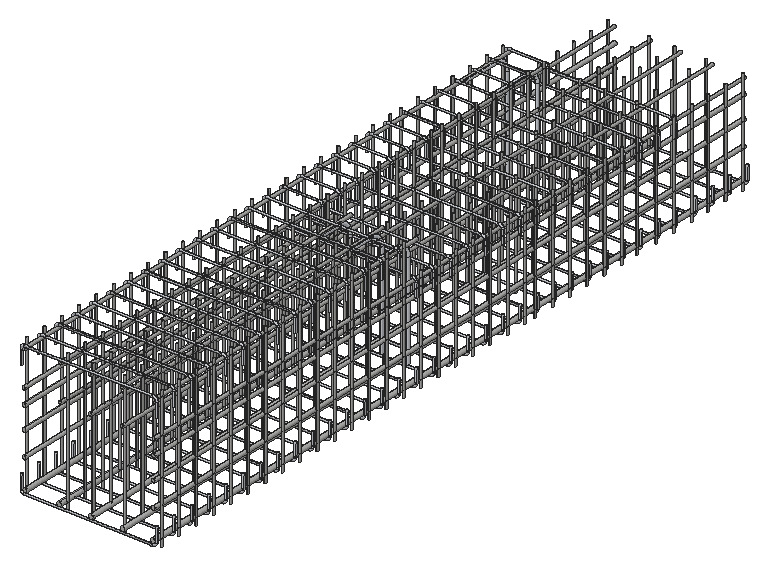
Revit family "261_Каркас пространственный КП4", category Обобщенные модели, Revit 2016 (continued)
Nested families
  nested 217: "361_Арматурная форма 3" at (505.5, 750, 38) x (1, 0, 0) z (0, 1, 0), Орг.ИдентификацияЭлемента2 <- "Орг.ИдентификацияЭлемента2", Орг.ИдентификацияЭлемента1 <- "Орг.ИдентификацияЭлемента1", Орг.ИдентификацияЭлемента <- "Орг.ИдентификацияЭлемента", Мрк.МаркаКонструкции <- "Мрк.МаркаКонструкции", Мрк.МаркаИзделия3 <- "Мрк.МаркаИзделия3", Мрк.МаркаИзделия2 <- "Мрк.МаркаИзделия2", Мрк.МаркаИзделия1 <- "Мрк.МаркаИзделия1", Мрк.МаркаИзделия <- "Мрк.МаркаИзделия", Орг.УровеньТекстовый <- "Орг.УровеньТекстовый", Орг.ОбознчТома(Комплекта) <- "Орг.ОбознчТома(Комплекта)", Орг.НомерЛистаЭлемента <- "Орг.НомерЛистаЭлемента", type "Параметрический"
    with Рзм.РасчетныйРадиус 22 mm, Рзм.Длина 1166.265 mm, Рзм.Диаметр 12 mm, Орг.УровеньТекстовый "", Орг.ОбознчТома(Комплекта) "", Орг.НомерЛистаЭлемента "", Орг.ИзделиеТипПодсчета 2, Орг.ИдентификацияЭлемента2 "", Орг.ИдентификацияЭлемента1 "", Орг.ИдентификацияЭлемента "", Мсв.Количество 1, Мрк.Обозначение "ГОСТ 5781-82", Мрк.Наименование "Ø12 А240 ГОСТ 5781-82", Мрк.МаркаКонструкции "", Мрк.МаркаИзделия3 "", Мрк.МаркаИзделия2 "", Мрк.МаркаИзделия1 "", Мрк.МаркаИзделия "Каркас пространственный КП 4", Мрк.Марка "5", Арм.РазмерR 16 mm, Арм.РазмерJ 0 mm, Арм.РазмерG 0 mm, Арм.РазмерF 0 mm, Арм.РазмерE 0 mm, Арм.РазмерD 0 mm, Арм.РазмерC 120 mm, Арм.РазмерB 940 mm, Арм.РазмерA 120 mm, Арм.ПогМетрыВкл no, Арм.КоэфНахлеста 1, Арм.Класс 1240
  nested 218: "361_Арматурная форма 3" at (505.5, 750, 960) x (1, 0, 0) z (0, 1, 0), Орг.ИдентификацияЭлемента2 <- "Орг.ИдентификацияЭлемента2", Орг.ИдентификацияЭлемента1 <- "Орг.ИдентификацияЭлемента1", Орг.ИдентификацияЭлемента <- "Орг.ИдентификацияЭлемента", Мрк.МаркаКонструкции <- "Мрк.МаркаКонструкции", Мрк.МаркаИзделия3 <- "Мрк.МаркаИзделия3", Мрк.МаркаИзделия2 <- "Мрк.МаркаИзделия2", Мрк.МаркаИзделия1 <- "Мрк.МаркаИзделия1", Мрк.МаркаИзделия <- "Мрк.МаркаИзделия", Орг.УровеньТекстовый <- "Орг.УровеньТекстовый", Орг.ОбознчТома(Комплекта) <- "Орг.ОбознчТома(Комплекта)", Орг.НомерЛистаЭлемента <- "Орг.НомерЛистаЭлемента", type "Параметрический"
    with Рзм.РасчетныйРадиус 22 mm, Рзм.Длина 1174.078 mm, Рзм.Диаметр 12 mm, Орг.УровеньТекстовый "", Орг.ОбознчТома(Комплекта) "", Орг.НомерЛистаЭлемента "", Орг.ИзделиеТипПодсчета 2, Орг.ИдентификацияЭлемента2 "", Орг.ИдентификацияЭлемента1 "", Орг.ИдентификацияЭлемента "", Мсв.Количество 1, Мрк.Обозначение "ГОСТ 5781-82", Мрк.Наименование "Ø12 А240 ГОСТ 5781-82", Мрк.МаркаКонструкции "", Мрк.МаркаИзделия3 "", Мрк.МаркаИзделия2 "", Мрк.МаркаИзделия1 "", Мрк.МаркаИзделия "Каркас пространственный КП 4", Мрк.Марка "5", Арм.РазмерR 16 mm, Арм.РазмерJ 0 mm, Арм.РазмерG 0 mm, Арм.РазмерF 0 mm, Арм.РазмерE 0 mm, Арм.РазмерD 0 mm, Арм.РазмерC 123.906 mm, Арм.РазмерB 940 mm, Арм.РазмерA 123.906 mm, Арм.ПогМетрыВкл no, Арм.КоэфНахлеста 1, Арм.Класс 1240
  nested 219: "361_Арматурная форма 3" at (505.5, 900, 38) x (1, 0, 0) z (0, 1, 0), Орг.ИдентификацияЭлемента2 <- "Орг.ИдентификацияЭлемента2", Орг.ИдентификацияЭлемента1 <- "Орг.ИдентификацияЭлемента1", Орг.ИдентификацияЭлемента <- "Орг.ИдентификацияЭлемента", Мрк.МаркаКонструкции <- "Мрк.МаркаКонструкции", Мрк.МаркаИзделия3 <- "Мрк.МаркаИзделия3", Мрк.МаркаИзделия2 <- "Мрк.МаркаИзделия2", Мрк.МаркаИзделия1 <- "Мрк.МаркаИзделия1", Мрк.МаркаИзделия <- "Мрк.МаркаИзделия", Орг.УровеньТекстовый <- "Орг.УровеньТекстовый", Орг.ОбознчТома(Комплекта) <- "Орг.ОбознчТома(Комплекта)", Орг.НомерЛистаЭлемента <- "Орг.НомерЛистаЭлемента", type "Параметрический"
    with Рзм.РасчетныйРадиус 22 mm, Рзм.Длина 1166.265 mm, Рзм.Диаметр 12 mm, Орг.УровеньТекстовый "", Орг.ОбознчТома(Комплекта) "", Орг.НомерЛистаЭлемента "", Орг.ИзделиеТипПодсчета 2, Орг.ИдентификацияЭлемента2 "", Орг.ИдентификацияЭлемента1 "", Орг.ИдентификацияЭлемента "", Мсв.Количество 1, Мрк.Обозначение "ГОСТ 5781-82", Мрк.Наименование "Ø12 А240 ГОСТ 5781-82", Мрк.МаркаКонструкции "", Мрк.МаркаИзделия3 "", Мрк.МаркаИзделия2 "", Мрк.МаркаИзделия1 "", Мрк.МаркаИзделия "Каркас пространственный КП 4", Мрк.Марка "5", Арм.РазмерR 16 mm, Арм.РазмерJ 0 mm, Арм.РазмерG 0 mm, Арм.РазмерF 0 mm, Арм.РазмерE 0 mm, Арм.РазмерD 0 mm, Арм.РазмерC 120 mm, Арм.РазмерB 940 mm, Арм.РазмерA 120 mm, Арм.ПогМетрыВкл no, Арм.КоэфНахлеста 1, Арм.Класс 1240
  nested 220: "361_Арматурная форма 3" at (505.5, 900, 960) x (1, 0, 0) z (0, 1, 0), Орг.ИдентификацияЭлемента2 <- "Орг.ИдентификацияЭлемента2", Орг.ИдентификацияЭлемента1 <- "Орг.ИдентификацияЭлемента1", Орг.ИдентификацияЭлемента <- "Орг.ИдентификацияЭлемента", Мрк.МаркаКонструкции <- "Мрк.МаркаКонструкции", Мрк.МаркаИзделия3 <- "Мрк.МаркаИзделия3", Мрк.МаркаИзделия2 <- "Мрк.МаркаИзделия2", Мрк.МаркаИзделия1 <- "Мрк.МаркаИзделия1", Мрк.МаркаИзделия <- "Мрк.МаркаИзделия", Орг.УровеньТекстовый <- "Орг.УровеньТекстовый", Орг.ОбознчТома(Комплекта) <- "Орг.ОбознчТома(Комплекта)", Орг.НомерЛистаЭлемента <- "Орг.НомерЛистаЭлемента", type "Параметрический"
    with Рзм.РасчетныйРадиус 22 mm, Рзм.Длина 1174.078 mm, Рзм.Диаметр 12 mm, Орг.УровеньТекстовый "", Орг.ОбознчТома(Комплекта) "", Орг.НомерЛистаЭлемента "", Орг.ИзделиеТипПодсчета 2, Орг.ИдентификацияЭлемента2 "", Орг.ИдентификацияЭлемента1 "", Орг.ИдентификацияЭлемента "", Мсв.Количество 1, Мрк.Обозначение "ГОСТ 5781-82", Мрк.Наименование "Ø12 А240 ГОСТ 5781-82", Мрк.МаркаКонструкции "", Мрк.МаркаИзделия3 "", Мрк.МаркаИзделия2 "", Мрк.МаркаИзделия1 "", Мрк.МаркаИзделия "Каркас пространственный КП 4", Мрк.Марка "5", Арм.РазмерR 16 mm, Арм.РазмерJ 0 mm, Арм.РазмерG 0 mm, Арм.РазмерF 0 mm, Арм.РазмерE 0 mm, Арм.РазмерD 0 mm, Арм.РазмерC 123.906 mm, Арм.РазмерB 940 mm, Арм.РазмерA 123.906 mm, Арм.ПогМетрыВкл no, Арм.КоэфНахлеста 1, Арм.Класс 1240
  nested 221: "361_Арматурная форма 3" at (505.5, 1050, 38) x (1, 0, 0) z (0, 1, 0), Орг.ИдентификацияЭлемента2 <- "Орг.ИдентификацияЭлемента2", Орг.ИдентификацияЭлемента1 <- "Орг.ИдентификацияЭлемента1", Орг.ИдентификацияЭлемента <- "Орг.ИдентификацияЭлемента", Мрк.МаркаКонструкции <- "Мрк.МаркаКонструкции", Мрк.МаркаИзделия3 <- "Мрк.МаркаИзделия3", Мрк.МаркаИзделия2 <- "Мрк.МаркаИзделия2", Мрк.МаркаИзделия1 <- "Мрк.МаркаИзделия1", Мрк.МаркаИзделия <- "Мрк.МаркаИзделия", Орг.УровеньТекстовый <- "Орг.УровеньТекстовый", Орг.ОбознчТома(Комплекта) <- "Орг.ОбознчТома(Комплекта)", Орг.НомерЛистаЭлемента <- "Орг.НомерЛистаЭлемента", type "Параметрический"
    with Рзм.РасчетныйРадиус 22 mm, Рзм.Длина 1166.265 mm, Рзм.Диаметр 12 mm, Орг.УровеньТекстовый "", Орг.ОбознчТома(Комплекта) "", Орг.НомерЛистаЭлемента "", Орг.ИзделиеТипПодсчета 2, Орг.ИдентификацияЭлемента2 "", Орг.ИдентификацияЭлемента1 "", Орг.ИдентификацияЭлемента "", Мсв.Количество 1, Мрк.Обозначение "ГОСТ 5781-82", Мрк.Наименование "Ø12 А240 ГОСТ 5781-82", Мрк.МаркаКонструкции "", Мрк.МаркаИзделия3 "", Мрк.МаркаИзделия2 "", Мрк.МаркаИзделия1 "", Мрк.МаркаИзделия "Каркас пространственный КП 4", Мрк.Марка "5", Арм.РазмерR 16 mm, Арм.РазмерJ 0 mm, Арм.РазмерG 0 mm, Арм.РазмерF 0 mm, Арм.РазмерE 0 mm, Арм.РазмерD 0 mm, Арм.РазмерC 120 mm, Арм.РазмерB 940 mm, Арм.РазмерA 120 mm, Арм.ПогМетрыВкл no, Арм.КоэфНахлеста 1, Арм.Класс 1240
  nested 222: "361_Арматурная форма 3" at (505.5, 1050, 960) x (1, 0, 0) z (0, 1, 0), Орг.ИдентификацияЭлемента2 <- "Орг.ИдентификацияЭлемента2", Орг.ИдентификацияЭлемента1 <- "Орг.ИдентификацияЭлемента1", Орг.ИдентификацияЭлемента <- "Орг.ИдентификацияЭлемента", Мрк.МаркаКонструкции <- "Мрк.МаркаКонструкции", Мрк.МаркаИзделия3 <- "Мрк.МаркаИзделия3", Мрк.МаркаИзделия2 <- "Мрк.МаркаИзделия2", Мрк.МаркаИзделия1 <- "Мрк.МаркаИзделия1", Мрк.МаркаИзделия <- "Мрк.МаркаИзделия", Орг.УровеньТекстовый <- "Орг.УровеньТекстовый", Орг.ОбознчТома(Комплекта) <- "Орг.ОбознчТома(Комплекта)", Орг.НомерЛистаЭлемента <- "Орг.НомерЛистаЭлемента", type "Параметрический"
    with Рзм.РасчетныйРадиус 22 mm, Рзм.Длина 1174.078 mm, Рзм.Диаметр 12 mm, Орг.УровеньТекстовый "", Орг.ОбознчТома(Комплекта) "", Орг.НомерЛистаЭлемента "", Орг.ИзделиеТипПодсчета 2, Орг.ИдентификацияЭлемента2 "", Орг.ИдентификацияЭлемента1 "", Орг.ИдентификацияЭлемента "", Мсв.Количество 1, Мрк.Обозначение "ГОСТ 5781-82", Мрк.Наименование "Ø12 А240 ГОСТ 5781-82", Мрк.МаркаКонструкции "", Мрк.МаркаИзделия3 "", Мрк.МаркаИзделия2 "", Мрк.МаркаИзделия1 "", Мрк.МаркаИзделия "Каркас пространственный КП 4", Мрк.Марка "5", Арм.РазмерR 16 mm, Арм.РазмерJ 0 mm, Арм.РазмерG 0 mm, Арм.РазмерF 0 mm, Арм.РазмерE 0 mm, Арм.РазмерD 0 mm, Арм.РазмерC 123.906 mm, Арм.РазмерB 940 mm, Арм.РазмерA 123.906 mm, Арм.ПогМетрыВкл no, Арм.КоэфНахлеста 1, Арм.Класс 1240
  nested 223: "361_Арматурная форма 3" at (505.5, 1200, 38) x (1, 0, 0) z (0, 1, 0), Орг.ИдентификацияЭлемента2 <- "Орг.ИдентификацияЭлемента2", Орг.ИдентификацияЭлемента1 <- "Орг.ИдентификацияЭлемента1", Орг.ИдентификацияЭлемента <- "Орг.ИдентификацияЭлемента", Мрк.МаркаКонструкции <- "Мрк.МаркаКонструкции", Мрк.МаркаИзделия3 <- "Мрк.МаркаИзделия3", Мрк.МаркаИзделия2 <- "Мрк.МаркаИзделия2", Мрк.МаркаИзделия1 <- "Мрк.МаркаИзделия1", Мрк.МаркаИзделия <- "Мрк.МаркаИзделия", Орг.УровеньТекстовый <- "Орг.УровеньТекстовый", Орг.ОбознчТома(Комплекта) <- "Орг.ОбознчТома(Комплекта)", Орг.НомерЛистаЭлемента <- "Орг.НомерЛистаЭлемента", type "Параметрический"
    with Рзм.РасчетныйРадиус 22 mm, Рзм.Длина 1166.265 mm, Рзм.Диаметр 12 mm, Орг.УровеньТекстовый "", Орг.ОбознчТома(Комплекта) "", Орг.НомерЛистаЭлемента "", Орг.ИзделиеТипПодсчета 2, Орг.ИдентификацияЭлемента2 "", Орг.ИдентификацияЭлемента1 "", Орг.ИдентификацияЭлемента "", Мсв.Количество 1, Мрк.Обозначение "ГОСТ 5781-82", Мрк.Наименование "Ø12 А240 ГОСТ 5781-82", Мрк.МаркаКонструкции "", Мрк.МаркаИзделия3 "", Мрк.МаркаИзделия2 "", Мрк.МаркаИзделия1 "", Мрк.МаркаИзделия "Каркас пространственный КП 4", Мрк.Марка "5", Арм.РазмерR 16 mm, Арм.РазмерJ 0 mm, Арм.РазмерG 0 mm, Арм.РазмерF 0 mm, Арм.РазмерE 0 mm, Арм.РазмерD 0 mm, Арм.РазмерC 120 mm, Арм.РазмерB 940 mm, Арм.РазмерA 120 mm, Арм.ПогМетрыВкл no, Арм.КоэфНахлеста 1, Арм.Класс 1240
  nested 224: "361_Арматурная форма 3" at (505.5, 1200, 960) x (1, 0, 0) z (0, 1, 0), Орг.ИдентификацияЭлемента2 <- "Орг.ИдентификацияЭлемента2", Орг.ИдентификацияЭлемента1 <- "Орг.ИдентификацияЭлемента1", Орг.ИдентификацияЭлемента <- "Орг.ИдентификацияЭлемента", Мрк.МаркаКонструкции <- "Мрк.МаркаКонструкции", Мрк.МаркаИзделия3 <- "Мрк.МаркаИзделия3", Мрк.МаркаИзделия2 <- "Мрк.МаркаИзделия2", Мрк.МаркаИзделия1 <- "Мрк.МаркаИзделия1", Мрк.МаркаИзделия <- "Мрк.МаркаИзделия", Орг.УровеньТекстовый <- "Орг.УровеньТекстовый", Орг.ОбознчТома(Комплекта) <- "Орг.ОбознчТома(Комплекта)", Орг.НомерЛистаЭлемента <- "Орг.НомерЛистаЭлемента", type "Параметрический"
    with Рзм.РасчетныйРадиус 22 mm, Рзм.Длина 1174.078 mm, Рзм.Диаметр 12 mm, Орг.УровеньТекстовый "", Орг.ОбознчТома(Комплекта) "", Орг.НомерЛистаЭлемента "", Орг.ИзделиеТипПодсчета 2, Орг.ИдентификацияЭлемента2 "", Орг.ИдентификацияЭлемента1 "", Орг.ИдентификацияЭлемента "", Мсв.Количество 1, Мрк.Обозначение "ГОСТ 5781-82", Мрк.Наименование "Ø12 А240 ГОСТ 5781-82", Мрк.МаркаКонструкции "", Мрк.МаркаИзделия3 "", Мрк.МаркаИзделия2 "", Мрк.МаркаИзделия1 "", Мрк.МаркаИзделия "Каркас пространственный КП 4", Мрк.Марка "5", Арм.РазмерR 16 mm, Арм.РазмерJ 0 mm, Арм.РазмерG 0 mm, Арм.РазмерF 0 mm, Арм.РазмерE 0 mm, Арм.РазмерD 0 mm, Арм.РазмерC 123.906 mm, Арм.РазмерB 940 mm, Арм.РазмерA 123.906 mm, Арм.ПогМетрыВкл no, Арм.КоэфНахлеста 1, Арм.Класс 1240
  nested 225: "361_Арматурная форма 3" at (505.5, 1350, 38) x (1, 0, 0) z (0, 1, 0), Орг.ИдентификацияЭлемента2 <- "Орг.ИдентификацияЭлемента2", Орг.ИдентификацияЭлемента1 <- "Орг.ИдентификацияЭлемента1", Орг.ИдентификацияЭлемента <- "Орг.ИдентификацияЭлемента", Мрк.МаркаКонструкции <- "Мрк.МаркаКонструкции", Мрк.МаркаИзделия3 <- "Мрк.МаркаИзделия3", Мрк.МаркаИзделия2 <- "Мрк.МаркаИзделия2", Мрк.МаркаИзделия1 <- "Мрк.МаркаИзделия1", Мрк.МаркаИзделия <- "Мрк.МаркаИзделия", Орг.УровеньТекстовый <- "Орг.УровеньТекстовый", Орг.ОбознчТома(Комплекта) <- "Орг.ОбознчТома(Комплекта)", Орг.НомерЛистаЭлемента <- "Орг.НомерЛистаЭлемента", type "Параметрический"
    with Рзм.РасчетныйРадиус 22 mm, Рзм.Длина 1166.265 mm, Рзм.Диаметр 12 mm, Орг.УровеньТекстовый "", Орг.ОбознчТома(Комплекта) "", Орг.НомерЛистаЭлемента "", Орг.ИзделиеТипПодсчета 2, Орг.ИдентификацияЭлемента2 "", Орг.ИдентификацияЭлемента1 "", Орг.ИдентификацияЭлемента "", Мсв.Количество 1, Мрк.Обозначение "ГОСТ 5781-82", Мрк.Наименование "Ø12 А240 ГОСТ 5781-82", Мрк.МаркаКонструкции "", Мрк.МаркаИзделия3 "", Мрк.МаркаИзделия2 "", Мрк.МаркаИзделия1 "", Мрк.МаркаИзделия "Каркас пространственный КП 4", Мрк.Марка "5", Арм.РазмерR 16 mm, Арм.РазмерJ 0 mm, Арм.РазмерG 0 mm, Арм.РазмерF 0 mm, Арм.РазмерE 0 mm, Арм.РазмерD 0 mm, Арм.РазмерC 120 mm, Арм.РазмерB 940 mm, Арм.РазмерA 120 mm, Арм.ПогМетрыВкл no, Арм.КоэфНахлеста 1, Арм.Класс 1240
  nested 226: "361_Арматурная форма 3" at (505.5, 1350, 960) x (1, 0, 0) z (0, 1, 0), Орг.ИдентификацияЭлемента2 <- "Орг.ИдентификацияЭлемента2", Орг.ИдентификацияЭлемента1 <- "Орг.ИдентификацияЭлемента1", Орг.ИдентификацияЭлемента <- "Орг.ИдентификацияЭлемента", Мрк.МаркаКонструкции <- "Мрк.МаркаКонструкции", Мрк.МаркаИзделия3 <- "Мрк.МаркаИзделия3", Мрк.МаркаИзделия2 <- "Мрк.МаркаИзделия2", Мрк.МаркаИзделия1 <- "Мрк.МаркаИзделия1", Мрк.МаркаИзделия <- "Мрк.МаркаИзделия", Орг.УровеньТекстовый <- "Орг.УровеньТекстовый", Орг.ОбознчТома(Комплекта) <- "Орг.ОбознчТома(Комплекта)", Орг.НомерЛистаЭлемента <- "Орг.НомерЛистаЭлемента", type "Параметрический"
    with Рзм.РасчетныйРадиус 22 mm, Рзм.Длина 1174.078 mm, Рзм.Диаметр 12 mm, Орг.УровеньТекстовый "", Орг.ОбознчТома(Комплекта) "", Орг.НомерЛистаЭлемента "", Орг.ИзделиеТипПодсчета 2, Орг.ИдентификацияЭлемента2 "", Орг.ИдентификацияЭлемента1 "", Орг.ИдентификацияЭлемента "", Мсв.Количество 1, Мрк.Обозначение "ГОСТ 5781-82", Мрк.Наименование "Ø12 А240 ГОСТ 5781-82", Мрк.МаркаКонструкции "", Мрк.МаркаИзделия3 "", Мрк.МаркаИзделия2 "", Мрк.МаркаИзделия1 "", Мрк.МаркаИзделия "Каркас пространственный КП 4", Мрк.Марка "5", Арм.РазмерR 16 mm, Арм.РазмерJ 0 mm, Арм.РазмерG 0 mm, Арм.РазмерF 0 mm, Арм.РазмерE 0 mm, Арм.РазмерD 0 mm, Арм.РазмерC 123.906 mm, Арм.РазмерB 940 mm, Арм.РазмерA 123.906 mm, Арм.ПогМетрыВкл no, Арм.КоэфНахлеста 1, Арм.Класс 1240
  nested 227: "361_Арматурная форма 3" at (505.5, 1500, 38) x (1, 0, 0) z (0, 1, 0), Орг.ИдентификацияЭлемента2 <- "Орг.ИдентификацияЭлемента2", Орг.ИдентификацияЭлемента1 <- "Орг.ИдентификацияЭлемента1", Орг.ИдентификацияЭлемента <- "Орг.ИдентификацияЭлемента", Мрк.МаркаКонструкции <- "Мрк.МаркаКонструкции", Мрк.МаркаИзделия3 <- "Мрк.МаркаИзделия3", Мрк.МаркаИзделия2 <- "Мрк.МаркаИзделия2", Мрк.МаркаИзделия1 <- "Мрк.МаркаИзделия1", Мрк.МаркаИзделия <- "Мрк.МаркаИзделия", Орг.УровеньТекстовый <- "Орг.УровеньТекстовый", Орг.ОбознчТома(Комплекта) <- "Орг.ОбознчТома(Комплекта)", Орг.НомерЛистаЭлемента <- "Орг.НомерЛистаЭлемента", type "Параметрический"
    with Рзм.РасчетныйРадиус 22 mm, Рзм.Длина 1166.265 mm, Рзм.Диаметр 12 mm, Орг.УровеньТекстовый "", Орг.ОбознчТома(Комплекта) "", Орг.НомерЛистаЭлемента "", Орг.ИзделиеТипПодсчета 2, Орг.ИдентификацияЭлемента2 "", Орг.ИдентификацияЭлемента1 "", Орг.ИдентификацияЭлемента "", Мсв.Количество 1, Мрк.Обозначение "ГОСТ 5781-82", Мрк.Наименование "Ø12 А240 ГОСТ 5781-82", Мрк.МаркаКонструкции "", Мрк.МаркаИзделия3 "", Мрк.МаркаИзделия2 "", Мрк.МаркаИзделия1 "", Мрк.МаркаИзделия "Каркас пространственный КП 4", Мрк.Марка "5", Арм.РазмерR 16 mm, Арм.РазмерJ 0 mm, Арм.РазмерG 0 mm, Арм.РазмерF 0 mm, Арм.РазмерE 0 mm, Арм.РазмерD 0 mm, Арм.РазмерC 120 mm, Арм.РазмерB 940 mm, Арм.РазмерA 120 mm, Арм.ПогМетрыВкл no, Арм.КоэфНахлеста 1, Арм.Класс 1240
  nested 228: "361_Арматурная форма 3" at (505.5, 1500, 960) x (1, 0, 0) z (0, 1, 0), Орг.ИдентификацияЭлемента2 <- "Орг.ИдентификацияЭлемента2", Орг.ИдентификацияЭлемента1 <- "Орг.ИдентификацияЭлемента1", Орг.ИдентификацияЭлемента <- "Орг.ИдентификацияЭлемента", Мрк.МаркаКонструкции <- "Мрк.МаркаКонструкции", Мрк.МаркаИзделия3 <- "Мрк.МаркаИзделия3", Мрк.МаркаИзделия2 <- "Мрк.МаркаИзделия2", Мрк.МаркаИзделия1 <- "Мрк.МаркаИзделия1", Мрк.МаркаИзделия <- "Мрк.МаркаИзделия", Орг.УровеньТекстовый <- "Орг.УровеньТекстовый", Орг.ОбознчТома(Комплекта) <- "Орг.ОбознчТома(Комплекта)", Орг.НомерЛистаЭлемента <- "Орг.НомерЛистаЭлемента", type "Параметрический"
    with Рзм.РасчетныйРадиус 22 mm, Рзм.Длина 1174.078 mm, Рзм.Диаметр 12 mm, Орг.УровеньТекстовый "", Орг.ОбознчТома(Комплекта) "", Орг.НомерЛистаЭлемента "", Орг.ИзделиеТипПодсчета 2, Орг.ИдентификацияЭлемента2 "", Орг.ИдентификацияЭлемента1 "", Орг.ИдентификацияЭлемента "", Мсв.Количество 1, Мрк.Обозначение "ГОСТ 5781-82", Мрк.Наименование "Ø12 А240 ГОСТ 5781-82", Мрк.МаркаКонструкции "", Мрк.МаркаИзделия3 "", Мрк.МаркаИзделия2 "", Мрк.МаркаИзделия1 "", Мрк.МаркаИзделия "Каркас пространственный КП 4", Мрк.Марка "5", Арм.РазмерR 16 mm, Арм.РазмерJ 0 mm, Арм.РазмерG 0 mm, Арм.РазмерF 0 mm, Арм.РазмерE 0 mm, Арм.РазмерD 0 mm, Арм.РазмерC 123.906 mm, Арм.РазмерB 940 mm, Арм.РазмерA 123.906 mm, Арм.ПогМетрыВкл no, Арм.КоэфНахлеста 1, Арм.Класс 1240
  nested 229: "361_Арматурная форма 3" at (505.5, 1650, 38) x (1, 0, 0) z (0, 1, 0), Орг.ИдентификацияЭлемента2 <- "Орг.ИдентификацияЭлемента2", Орг.ИдентификацияЭлемента1 <- "Орг.ИдентификацияЭлемента1", Орг.ИдентификацияЭлемента <- "Орг.ИдентификацияЭлемента", Мрк.МаркаКонструкции <- "Мрк.МаркаКонструкции", Мрк.МаркаИзделия3 <- "Мрк.МаркаИзделия3", Мрк.МаркаИзделия2 <- "Мрк.МаркаИзделия2", Мрк.МаркаИзделия1 <- "Мрк.МаркаИзделия1", Мрк.МаркаИзделия <- "Мрк.МаркаИзделия", Орг.УровеньТекстовый <- "Орг.УровеньТекстовый", Орг.ОбознчТома(Комплекта) <- "Орг.ОбознчТома(Комплекта)", Орг.НомерЛистаЭлемента <- "Орг.НомерЛистаЭлемента", type "Параметрический"
    with Рзм.РасчетныйРадиус 22 mm, Рзм.Длина 1166.265 mm, Рзм.Диаметр 12 mm, Орг.УровеньТекстовый "", Орг.ОбознчТома(Комплекта) "", Орг.НомерЛистаЭлемента "", Орг.ИзделиеТипПодсчета 2, Орг.ИдентификацияЭлемента2 "", Орг.ИдентификацияЭлемента1 "", Орг.ИдентификацияЭлемента "", Мсв.Количество 1, Мрк.Обозначение "ГОСТ 5781-82", Мрк.Наименование "Ø12 А240 ГОСТ 5781-82", Мрк.МаркаКонструкции "", Мрк.МаркаИзделия3 "", Мрк.МаркаИзделия2 "", Мрк.МаркаИзделия1 "", Мрк.МаркаИзделия "Каркас пространственный КП 4", Мрк.Марка "5", Арм.РазмерR 16 mm, Арм.РазмерJ 0 mm, Арм.РазмерG 0 mm, Арм.РазмерF 0 mm, Арм.РазмерE 0 mm, Арм.РазмерD 0 mm, Арм.РазмерC 120 mm, Арм.РазмерB 940 mm, Арм.РазмерA 120 mm, Арм.ПогМетрыВкл no, Арм.КоэфНахлеста 1, Арм.Класс 1240
  nested 230: "361_Арматурная форма 3" at (505.5, 1650, 960) x (1, 0, 0) z (0, 1, 0), Орг.ИдентификацияЭлемента2 <- "Орг.ИдентификацияЭлемента2", Орг.ИдентификацияЭлемента1 <- "Орг.ИдентификацияЭлемента1", Орг.ИдентификацияЭлемента <- "Орг.ИдентификацияЭлемента", Мрк.МаркаКонструкции <- "Мрк.МаркаКонструкции", Мрк.МаркаИзделия3 <- "Мрк.МаркаИзделия3", Мрк.МаркаИзделия2 <- "Мрк.МаркаИзделия2", Мрк.МаркаИзделия1 <- "Мрк.МаркаИзделия1", Мрк.МаркаИзделия <- "Мрк.МаркаИзделия", Орг.УровеньТекстовый <- "Орг.УровеньТекстовый", Орг.ОбознчТома(Комплекта) <- "Орг.ОбознчТома(Комплекта)", Орг.НомерЛистаЭлемента <- "Орг.НомерЛистаЭлемента", type "Параметрический"
    with Рзм.РасчетныйРадиус 22 mm, Рзм.Длина 1174.078 mm, Рзм.Диаметр 12 mm, Орг.УровеньТекстовый "", Орг.ОбознчТома(Комплекта) "", Орг.НомерЛистаЭлемента "", Орг.ИзделиеТипПодсчета 2, Орг.ИдентификацияЭлемента2 "", Орг.ИдентификацияЭлемента1 "", Орг.ИдентификацияЭлемента "", Мсв.Количество 1, Мрк.Обозначение "ГОСТ 5781-82", Мрк.Наименование "Ø12 А240 ГОСТ 5781-82", Мрк.МаркаКонструкции "", Мрк.МаркаИзделия3 "", Мрк.МаркаИзделия2 "", Мрк.МаркаИзделия1 "", Мрк.МаркаИзделия "Каркас пространственный КП 4", Мрк.Марка "5", Арм.РазмерR 16 mm, Арм.РазмерJ 0 mm, Арм.РазмерG 0 mm, Арм.РазмерF 0 mm, Арм.РазмерE 0 mm, Арм.РазмерD 0 mm, Арм.РазмерC 123.906 mm, Арм.РазмерB 940 mm, Арм.РазмерA 123.906 mm, Арм.ПогМетрыВкл no, Арм.КоэфНахлеста 1, Арм.Класс 1240
  nested 231: "361_Арматурная форма 3" at (505.5, 1950, 38) x (1, 0, 0) z (0, 1, 0), Орг.ИдентификацияЭлемента2 <- "Орг.ИдентификацияЭлемента2", Орг.ИдентификацияЭлемента1 <- "Орг.ИдентификацияЭлемента1", Орг.ИдентификацияЭлемента <- "Орг.ИдентификацияЭлемента", Мрк.МаркаКонструкции <- "Мрк.МаркаКонструкции", Мрк.МаркаИзделия3 <- "Мрк.МаркаИзделия3", Мрк.МаркаИзделия2 <- "Мрк.МаркаИзделия2", Мрк.МаркаИзделия1 <- "Мрк.МаркаИзделия1", Мрк.МаркаИзделия <- "Мрк.МаркаИзделия", Орг.УровеньТекстовый <- "Орг.УровеньТекстовый", Орг.ОбознчТома(Комплекта) <- "Орг.ОбознчТома(Комплекта)", Орг.НомерЛистаЭлемента <- "Орг.НомерЛистаЭлемента", type "Параметрический"
    with Рзм.РасчетныйРадиус 22 mm, Рзм.Длина 1166.265 mm, Рзм.Диаметр 12 mm, Орг.УровеньТекстовый "", Орг.ОбознчТома(Комплекта) "", Орг.НомерЛистаЭлемента "", Орг.ИзделиеТипПодсчета 2, Орг.ИдентификацияЭлемента2 "", Орг.ИдентификацияЭлемента1 "", Орг.ИдентификацияЭлемента "", Мсв.Количество 1, Мрк.Обозначение "ГОСТ 5781-82", Мрк.Наименование "Ø12 А240 ГОСТ 5781-82", Мрк.МаркаКонструкции "", Мрк.МаркаИзделия3 "", Мрк.МаркаИзделия2 "", Мрк.МаркаИзделия1 "", Мрк.МаркаИзделия "Каркас пространственный КП 4", Мрк.Марка "5", Арм.РазмерR 16 mm, Арм.РазмерJ 0 mm, Арм.РазмерG 0 mm, Арм.РазмерF 0 mm, Арм.РазмерE 0 mm, Арм.РазмерD 0 mm, Арм.РазмерC 120 mm, Арм.РазмерB 940 mm, Арм.РазмерA 120 mm, Арм.ПогМетрыВкл no, Арм.КоэфНахлеста 1, Арм.Класс 1240
  nested 232: "361_Арматурная форма 3" at (505.5, 1950, 960) x (1, 0, 0) z (0, 1, 0), Орг.ИдентификацияЭлемента2 <- "Орг.ИдентификацияЭлемента2", Орг.ИдентификацияЭлемента1 <- "Орг.ИдентификацияЭлемента1", Орг.ИдентификацияЭлемента <- "Орг.ИдентификацияЭлемента", Мрк.МаркаКонструкции <- "Мрк.МаркаКонструкции", Мрк.МаркаИзделия3 <- "Мрк.МаркаИзделия3", Мрк.МаркаИзделия2 <- "Мрк.МаркаИзделия2", Мрк.МаркаИзделия1 <- "Мрк.МаркаИзделия1", Мрк.МаркаИзделия <- "Мрк.МаркаИзделия", Орг.УровеньТекстовый <- "Орг.УровеньТекстовый", Орг.ОбознчТома(Комплекта) <- "Орг.ОбознчТома(Комплекта)", Орг.НомерЛистаЭлемента <- "Орг.НомерЛистаЭлемента", type "Параметрический"
    with Рзм.РасчетныйРадиус 22 mm, Рзм.Длина 1174.078 mm, Рзм.Диаметр 12 mm, Орг.УровеньТекстовый "", Орг.ОбознчТома(Комплекта) "", Орг.НомерЛистаЭлемента "", Орг.ИзделиеТипПодсчета 2, Орг.ИдентификацияЭлемента2 "", Орг.ИдентификацияЭлемента1 "", Орг.ИдентификацияЭлемента "", Мсв.Количество 1, Мрк.Обозначение "ГОСТ 5781-82", Мрк.Наименование "Ø12 А240 ГОСТ 5781-82", Мрк.МаркаКонструкции "", Мрк.МаркаИзделия3 "", Мрк.МаркаИзделия2 "", Мрк.МаркаИзделия1 "", Мрк.МаркаИзделия "Каркас пространственный КП 4", Мрк.Марка "5", Арм.РазмерR 16 mm, Арм.РазмерJ 0 mm, Арм.РазмерG 0 mm, Арм.РазмерF 0 mm, Арм.РазмерE 0 mm, Арм.РазмерD 0 mm, Арм.РазмерC 123.906 mm, Арм.РазмерB 940 mm, Арм.РазмерA 123.906 mm, Арм.ПогМетрыВкл no, Арм.КоэфНахлеста 1, Арм.Класс 1240
  nested 233: "361_Арматурная форма 3" at (505.5, 1800, 38) x (1, 0, 0) z (0, 1, 0), Орг.ИдентификацияЭлемента2 <- "Орг.ИдентификацияЭлемента2", Орг.ИдентификацияЭлемента1 <- "Орг.ИдентификацияЭлемента1", Орг.ИдентификацияЭлемента <- "Орг.ИдентификацияЭлемента", Мрк.МаркаКонструкции <- "Мрк.МаркаКонструкции", Мрк.МаркаИзделия3 <- "Мрк.МаркаИзделия3", Мрк.МаркаИзделия2 <- "Мрк.МаркаИзделия2", Мрк.МаркаИзделия1 <- "Мрк.МаркаИзделия1", Мрк.МаркаИзделия <- "Мрк.МаркаИзделия", Орг.УровеньТекстовый <- "Орг.УровеньТекстовый", Орг.ОбознчТома(Комплекта) <- "Орг.ОбознчТома(Комплекта)", Орг.НомерЛистаЭлемента <- "Орг.НомерЛистаЭлемента", type "Параметрический"
    with Рзм.РасчетныйРадиус 22 mm, Рзм.Длина 1166.265 mm, Рзм.Диаметр 12 mm, Орг.УровеньТекстовый "", Орг.ОбознчТома(Комплекта) "", Орг.НомерЛистаЭлемента "", Орг.ИзделиеТипПодсчета 2, Орг.ИдентификацияЭлемента2 "", Орг.ИдентификацияЭлемента1 "", Орг.ИдентификацияЭлемента "", Мсв.Количество 1, Мрк.Обозначение "ГОСТ 5781-82", Мрк.Наименование "Ø12 А240 ГОСТ 5781-82", Мрк.МаркаКонструкции "", Мрк.МаркаИзделия3 "", Мрк.МаркаИзделия2 "", Мрк.МаркаИзделия1 "", Мрк.МаркаИзделия "Каркас пространственный КП 4", Мрк.Марка "5", Арм.РазмерR 16 mm, Арм.РазмерJ 0 mm, Арм.РазмерG 0 mm, Арм.РазмерF 0 mm, Арм.РазмерE 0 mm, Арм.РазмерD 0 mm, Арм.РазмерC 120 mm, Арм.РазмерB 940 mm, Арм.РазмерA 120 mm, Арм.ПогМетрыВкл no, Арм.КоэфНахлеста 1, Арм.Класс 1240
  nested 234: "361_Арматурная форма 3" at (505.5, 1800, 960) x (1, 0, 0) z (0, 1, 0), Орг.ИдентификацияЭлемента2 <- "Орг.ИдентификацияЭлемента2", Орг.ИдентификацияЭлемента1 <- "Орг.ИдентификацияЭлемента1", Орг.ИдентификацияЭлемента <- "Орг.ИдентификацияЭлемента", Мрк.МаркаКонструкции <- "Мрк.МаркаКонструкции", Мрк.МаркаИзделия3 <- "Мрк.МаркаИзделия3", Мрк.МаркаИзделия2 <- "Мрк.МаркаИзделия2", Мрк.МаркаИзделия1 <- "Мрк.МаркаИзделия1", Мрк.МаркаИзделия <- "Мрк.МаркаИзделия", Орг.УровеньТекстовый <- "Орг.УровеньТекстовый", Орг.ОбознчТома(Комплекта) <- "Орг.ОбознчТома(Комплекта)", Орг.НомерЛистаЭлемента <- "Орг.НомерЛистаЭлемента", type "Параметрический"
    with Рзм.РасчетныйРадиус 22 mm, Рзм.Длина 1174.078 mm, Рзм.Диаметр 12 mm, Орг.УровеньТекстовый "", Орг.ОбознчТома(Комплекта) "", Орг.НомерЛистаЭлемента "", Орг.ИзделиеТипПодсчета 2, Орг.ИдентификацияЭлемента2 "", Орг.ИдентификацияЭлемента1 "", Орг.ИдентификацияЭлемента "", Мсв.Количество 1, Мрк.Обозначение "ГОСТ 5781-82", Мрк.Наименование "Ø12 А240 ГОСТ 5781-82", Мрк.МаркаКонструкции "", Мрк.МаркаИзделия3 "", Мрк.МаркаИзделия2 "", Мрк.МаркаИзделия1 "", Мрк.МаркаИзделия "Каркас пространственный КП 4", Мрк.Марка "5", Арм.РазмерR 16 mm, Арм.РазмерJ 0 mm, Арм.РазмерG 0 mm, Арм.РазмерF 0 mm, Арм.РазмерE 0 mm, Арм.РазмерD 0 mm, Арм.РазмерC 123.906 mm, Арм.РазмерB 940 mm, Арм.РазмерA 123.906 mm, Арм.ПогМетрыВкл no, Арм.КоэфНахлеста 1, Арм.Класс 1240
  nested 235: "361_Арматурная форма 3" at (505.5, 2100, 38) x (1, 0, 0) z (0, 1, 0), Орг.ИдентификацияЭлемента2 <- "Орг.ИдентификацияЭлемента2", Орг.ИдентификацияЭлемента1 <- "Орг.ИдентификацияЭлемента1", Орг.ИдентификацияЭлемента <- "Орг.ИдентификацияЭлемента", Мрк.МаркаКонструкции <- "Мрк.МаркаКонструкции", Мрк.МаркаИзделия3 <- "Мрк.МаркаИзделия3", Мрк.МаркаИзделия2 <- "Мрк.МаркаИзделия2", Мрк.МаркаИзделия1 <- "Мрк.МаркаИзделия1", Мрк.МаркаИзделия <- "Мрк.МаркаИзделия", Орг.УровеньТекстовый <- "Орг.УровеньТекстовый", Орг.ОбознчТома(Комплекта) <- "Орг.ОбознчТома(Комплекта)", Орг.НомерЛистаЭлемента <- "Орг.НомерЛистаЭлемента", type "Параметрический"
    with Рзм.РасчетныйРадиус 22 mm, Рзм.Длина 1166.265 mm, Рзм.Диаметр 12 mm, Орг.УровеньТекстовый "", Орг.ОбознчТома(Комплекта) "", Орг.НомерЛистаЭлемента "", Орг.ИзделиеТипПодсчета 2, Орг.ИдентификацияЭлемента2 "", Орг.ИдентификацияЭлемента1 "", Орг.ИдентификацияЭлемента "", Мсв.Количество 1, Мрк.Обозначение "ГОСТ 5781-82", Мрк.Наименование "Ø12 А240 ГОСТ 5781-82", Мрк.МаркаКонструкции "", Мрк.МаркаИзделия3 "", Мрк.МаркаИзделия2 "", Мрк.МаркаИзделия1 "", Мрк.МаркаИзделия "Каркас пространственный КП 4", Мрк.Марка "5", Арм.РазмерR 16 mm, Арм.РазмерJ 0 mm, Арм.РазмерG 0 mm, Арм.РазмерF 0 mm, Арм.РазмерE 0 mm, Арм.РазмерD 0 mm, Арм.РазмерC 120 mm, Арм.РазмерB 940 mm, Арм.РазмерA 120 mm, Арм.ПогМетрыВкл no, Арм.КоэфНахлеста 1, Арм.Класс 1240
  nested 236: "361_Арматурная форма 3" at (505.5, 2100, 960) x (1, 0, 0) z (0, 1, 0), Орг.ИдентификацияЭлемента2 <- "Орг.ИдентификацияЭлемента2", Орг.ИдентификацияЭлемента1 <- "Орг.ИдентификацияЭлемента1", Орг.ИдентификацияЭлемента <- "Орг.ИдентификацияЭлемента", Мрк.МаркаКонструкции <- "Мрк.МаркаКонструкции", Мрк.МаркаИзделия3 <- "Мрк.МаркаИзделия3", Мрк.МаркаИзделия2 <- "Мрк.МаркаИзделия2", Мрк.МаркаИзделия1 <- "Мрк.МаркаИзделия1", Мрк.МаркаИзделия <- "Мрк.МаркаИзделия", Орг.УровеньТекстовый <- "Орг.УровеньТекстовый", Орг.ОбознчТома(Комплекта) <- "Орг.ОбознчТома(Комплекта)", Орг.НомерЛистаЭлемента <- "Орг.НомерЛистаЭлемента", type "Параметрический"
    with Рзм.РасчетныйРадиус 22 mm, Рзм.Длина 1174.078 mm, Рзм.Диаметр 12 mm, Орг.УровеньТекстовый "", Орг.ОбознчТома(Комплекта) "", Орг.НомерЛистаЭлемента "", Орг.ИзделиеТипПодсчета 2, Орг.ИдентификацияЭлемента2 "", Орг.ИдентификацияЭлемента1 "", Орг.ИдентификацияЭлемента "", Мсв.Количество 1, Мрк.Обозначение "ГОСТ 5781-82", Мрк.Наименование "Ø12 А240 ГОСТ 5781-82", Мрк.МаркаКонструкции "", Мрк.МаркаИзделия3 "", Мрк.МаркаИзделия2 "", Мрк.МаркаИзделия1 "", Мрк.МаркаИзделия "Каркас пространственный КП 4", Мрк.Марка "5", Арм.РазмерR 16 mm, Арм.РазмерJ 0 mm, Арм.РазмерG 0 mm, Арм.РазмерF 0 mm, Арм.РазмерE 0 mm, Арм.РазмерD 0 mm, Арм.РазмерC 123.906 mm, Арм.РазмерB 940 mm, Арм.РазмерA 123.906 mm, Арм.ПогМетрыВкл no, Арм.КоэфНахлеста 1, Арм.Класс 1240
  nested 237: "361_Арматурная форма 3" at (505.5, 2250, 38) x (1, 0, 0) z (0, 1, 0), Орг.ИдентификацияЭлемента2 <- "Орг.ИдентификацияЭлемента2", Орг.ИдентификацияЭлемента1 <- "Орг.ИдентификацияЭлемента1", Орг.ИдентификацияЭлемента <- "Орг.ИдентификацияЭлемента", Мрк.МаркаКонструкции <- "Мрк.МаркаКонструкции", Мрк.МаркаИзделия3 <- "Мрк.МаркаИзделия3", Мрк.МаркаИзделия2 <- "Мрк.МаркаИзделия2", Мрк.МаркаИзделия1 <- "Мрк.МаркаИзделия1", Мрк.МаркаИзделия <- "Мрк.МаркаИзделия", Орг.УровеньТекстовый <- "Орг.УровеньТекстовый", Орг.ОбознчТома(Комплекта) <- "Орг.ОбознчТома(Комплекта)", Орг.НомерЛистаЭлемента <- "Орг.НомерЛистаЭлемента", type "Параметрический"
    with Рзм.РасчетныйРадиус 22 mm, Рзм.Длина 1166.265 mm, Рзм.Диаметр 12 mm, Орг.УровеньТекстовый "", Орг.ОбознчТома(Комплекта) "", Орг.НомерЛистаЭлемента "", Орг.ИзделиеТипПодсчета 2, Орг.ИдентификацияЭлемента2 "", Орг.ИдентификацияЭлемента1 "", Орг.ИдентификацияЭлемента "", Мсв.Количество 1, Мрк.Обозначение "ГОСТ 5781-82", Мрк.Наименование "Ø12 А240 ГОСТ 5781-82", Мрк.МаркаКонструкции "", Мрк.МаркаИзделия3 "", Мрк.МаркаИзделия2 "", Мрк.МаркаИзделия1 "", Мрк.МаркаИзделия "Каркас пространственный КП 4", Мрк.Марка "5", Арм.РазмерR 16 mm, Арм.РазмерJ 0 mm, Арм.РазмерG 0 mm, Арм.РазмерF 0 mm, Арм.РазмерE 0 mm, Арм.РазмерD 0 mm, Арм.РазмерC 120 mm, Арм.РазмерB 940 mm, Арм.РазмерA 120 mm, Арм.ПогМетрыВкл no, Арм.КоэфНахлеста 1, Арм.Класс 1240
  nested 238: "361_Арматурная форма 3" at (180.454, 2250, 960) x (1, 0, 0) z (0, 1, 0), Орг.ИдентификацияЭлемента2 <- "Орг.ИдентификацияЭлемента2", Орг.ИдентификацияЭлемента1 <- "Орг.ИдентификацияЭлемента1", Орг.ИдентификацияЭлемента <- "Орг.ИдентификацияЭлемента", Мрк.МаркаКонструкции <- "Мрк.МаркаКонструкции", Мрк.МаркаИзделия3 <- "Мрк.МаркаИзделия3", Мрк.МаркаИзделия2 <- "Мрк.МаркаИзделия2", Мрк.МаркаИзделия1 <- "Мрк.МаркаИзделия1", Мрк.МаркаИзделия <- "Мрк.МаркаИзделия", Орг.УровеньТекстовый <- "Орг.УровеньТекстовый", Орг.ОбознчТома(Комплекта) <- "Орг.ОбознчТома(Комплекта)", Орг.НомерЛистаЭлемента <- "Орг.НомерЛистаЭлемента", type "Параметрический"
    with Рзм.РасчетныйРадиус 22 mm, Рзм.Длина 516.265 mm, Рзм.Диаметр 12 mm, Орг.УровеньТекстовый "", Орг.ОбознчТома(Комплекта) "", Орг.НомерЛистаЭлемента "", Орг.ИзделиеТипПодсчета 2, Орг.ИдентификацияЭлемента2 "", Орг.ИдентификацияЭлемента1 "", Орг.ИдентификацияЭлемента "", Мсв.Количество 1, Мрк.Обозначение "ГОСТ 5781-82", Мрк.Наименование "Ø12 А240 ГОСТ 5781-82", Мрк.МаркаКонструкции "", Мрк.МаркаИзделия3 "", Мрк.МаркаИзделия2 "", Мрк.МаркаИзделия1 "", Мрк.МаркаИзделия "Каркас пространственный КП 4", Мрк.Марка "6", Арм.РазмерR 16 mm, Арм.РазмерJ 0 mm, Арм.РазмерG 0 mm, Арм.РазмерF 0 mm, Арм.РазмерE 0 mm, Арм.РазмерD 0 mm, Арм.РазмерC 120 mm, Арм.РазмерB 290 mm, Арм.РазмерA 120 mm, Арм.ПогМетрыВкл no, Арм.КоэфНахлеста 1, Арм.Класс 1240
  nested 239: "361_Арматурная форма 3" at (505.477, 2250, 713.5) x (1, 0, 0) z (0, 1, 0), Орг.ИдентификацияЭлемента2 <- "Орг.ИдентификацияЭлемента2", Орг.ИдентификацияЭлемента1 <- "Орг.ИдентификацияЭлемента1", Орг.ИдентификацияЭлемента <- "Орг.ИдентификацияЭлемента", Мрк.МаркаКонструкции <- "Мрк.МаркаКонструкции", Мрк.МаркаИзделия3 <- "Мрк.МаркаИзделия3", Мрк.МаркаИзделия2 <- "Мрк.МаркаИзделия2", Мрк.МаркаИзделия1 <- "Мрк.МаркаИзделия1", Мрк.МаркаИзделия <- "Мрк.МаркаИзделия", Орг.УровеньТекстовый <- "Орг.УровеньТекстовый", Орг.ОбознчТома(Комплекта) <- "Орг.ОбознчТома(Комплекта)", Орг.НомерЛистаЭлемента <- "Орг.НомерЛистаЭлемента", type "Параметрический"
    with Рзм.РасчетныйРадиус 22 mm, Рзм.Длина 1166.311 mm, Рзм.Диаметр 12 mm, Орг.УровеньТекстовый "", Орг.ОбознчТома(Комплекта) "", Орг.НомерЛистаЭлемента "", Орг.ИзделиеТипПодсчета 2, Орг.ИдентификацияЭлемента2 "", Орг.ИдентификацияЭлемента1 "", Орг.ИдентификацияЭлемента "", Мсв.Количество 1, Мрк.Обозначение "ГОСТ 5781-82", Мрк.Наименование "Ø12 А240 ГОСТ 5781-82", Мрк.МаркаКонструкции "", Мрк.МаркаИзделия3 "", Мрк.МаркаИзделия2 "", Мрк.МаркаИзделия1 "", Мрк.МаркаИзделия "Каркас пространственный КП 4", Мрк.Марка "5", Арм.РазмерR 16 mm, Арм.РазмерJ 0 mm, Арм.РазмерG 0 mm, Арм.РазмерF 0 mm, Арм.РазмерE 0 mm, Арм.РазмерD 0 mm, Арм.РазмерC 120 mm, Арм.РазмерB 940.046 mm, Арм.РазмерA 120 mm, Арм.ПогМетрыВкл no, Арм.КоэфНахлеста 1, Арм.Класс 1240
  nested 240: "361_Арматурная форма 3" at (505.5, 2400, 38) x (1, 0, 0) z (0, 1, 0), Орг.ИдентификацияЭлемента2 <- "Орг.ИдентификацияЭлемента2", Орг.ИдентификацияЭлемента1 <- "Орг.ИдентификацияЭлемента1", Орг.ИдентификацияЭлемента <- "Орг.ИдентификацияЭлемента", Мрк.МаркаКонструкции <- "Мрк.МаркаКонструкции", Мрк.МаркаИзделия3 <- "Мрк.МаркаИзделия3", Мрк.МаркаИзделия2 <- "Мрк.МаркаИзделия2", Мрк.МаркаИзделия1 <- "Мрк.МаркаИзделия1", Мрк.МаркаИзделия <- "Мрк.МаркаИзделия", Орг.УровеньТекстовый <- "Орг.УровеньТекстовый", Орг.ОбознчТома(Комплекта) <- "Орг.ОбознчТома(Комплекта)", Орг.НомерЛистаЭлемента <- "Орг.НомерЛистаЭлемента", type "Параметрический"
    with Рзм.РасчетныйРадиус 22 mm, Рзм.Длина 1166.265 mm, Рзм.Диаметр 12 mm, Орг.УровеньТекстовый "", Орг.ОбознчТома(Комплекта) "", Орг.НомерЛистаЭлемента "", Орг.ИзделиеТипПодсчета 2, Орг.ИдентификацияЭлемента2 "", Орг.ИдентификацияЭлемента1 "", Орг.ИдентификацияЭлемента "", Мсв.Количество 1, Мрк.Обозначение "ГОСТ 5781-82", Мрк.Наименование "Ø12 А240 ГОСТ 5781-82", Мрк.МаркаКонструкции "", Мрк.МаркаИзделия3 "", Мрк.МаркаИзделия2 "", Мрк.МаркаИзделия1 "", Мрк.МаркаИзделия "Каркас пространственный КП 4", Мрк.Марка "5", Арм.РазмерR 16 mm, Арм.РазмерJ 0 mm, Арм.РазмерG 0 mm, Арм.РазмерF 0 mm, Арм.РазмерE 0 mm, Арм.РазмерD 0 mm, Арм.РазмерC 120 mm, Арм.РазмерB 940 mm, Арм.РазмерA 120 mm, Арм.ПогМетрыВкл no, Арм.КоэфНахлеста 1, Арм.Класс 1240
  nested 241: "361_Арматурная форма 3" at (180.454, 2400, 960) x (1, 0, 0) z (0, 1, 0), Орг.ИдентификацияЭлемента2 <- "Орг.ИдентификацияЭлемента2", Орг.ИдентификацияЭлемента1 <- "Орг.ИдентификацияЭлемента1", Орг.ИдентификацияЭлемента <- "Орг.ИдентификацияЭлемента", Мрк.МаркаКонструкции <- "Мрк.МаркаКонструкции", Мрк.МаркаИзделия3 <- "Мрк.МаркаИзделия3", Мрк.МаркаИзделия2 <- "Мрк.МаркаИзделия2", Мрк.МаркаИзделия1 <- "Мрк.МаркаИзделия1", Мрк.МаркаИзделия <- "Мрк.МаркаИзделия", Орг.УровеньТекстовый <- "Орг.УровеньТекстовый", Орг.ОбознчТома(Комплекта) <- "Орг.ОбознчТома(Комплекта)", Орг.НомерЛистаЭлемента <- "Орг.НомерЛистаЭлемента", type "Параметрический"
    with Рзм.РасчетныйРадиус 22 mm, Рзм.Длина 516.265 mm, Рзм.Диаметр 12 mm, Орг.УровеньТекстовый "", Орг.ОбознчТома(Комплекта) "", Орг.НомерЛистаЭлемента "", Орг.ИзделиеТипПодсчета 2, Орг.ИдентификацияЭлемента2 "", Орг.ИдентификацияЭлемента1 "", Орг.ИдентификацияЭлемента "", Мсв.Количество 1, Мрк.Обозначение "ГОСТ 5781-82", Мрк.Наименование "Ø12 А240 ГОСТ 5781-82", Мрк.МаркаКонструкции "", Мрк.МаркаИзделия3 "", Мрк.МаркаИзделия2 "", Мрк.МаркаИзделия1 "", Мрк.МаркаИзделия "Каркас пространственный КП 4", Мрк.Марка "6", Арм.РазмерR 16 mm, Арм.РазмерJ 0 mm, Арм.РазмерG 0 mm, Арм.РазмерF 0 mm, Арм.РазмерE 0 mm, Арм.РазмерD 0 mm, Арм.РазмерC 120 mm, Арм.РазмерB 290 mm, Арм.РазмерA 120 mm, Арм.ПогМетрыВкл no, Арм.КоэфНахлеста 1, Арм.Класс 1240
  nested 242: "361_Арматурная форма 3" at (505.477, 2400, 713.5) x (1, 0, 0) z (0, 1, 0), Орг.ИдентификацияЭлемента2 <- "Орг.ИдентификацияЭлемента2", Орг.ИдентификацияЭлемента1 <- "Орг.ИдентификацияЭлемента1", Орг.ИдентификацияЭлемента <- "Орг.ИдентификацияЭлемента", Мрк.МаркаКонструкции <- "Мрк.МаркаКонструкции", Мрк.МаркаИзделия3 <- "Мрк.МаркаИзделия3", Мрк.МаркаИзделия2 <- "Мрк.МаркаИзделия2", Мрк.МаркаИзделия1 <- "Мрк.МаркаИзделия1", Мрк.МаркаИзделия <- "Мрк.МаркаИзделия", Орг.УровеньТекстовый <- "Орг.УровеньТекстовый", Орг.ОбознчТома(Комплекта) <- "Орг.ОбознчТома(Комплекта)", Орг.НомерЛистаЭлемента <- "Орг.НомерЛистаЭлемента", type "Параметрический"
    with Рзм.РасчетныйРадиус 22 mm, Рзм.Длина 1166.311 mm, Рзм.Диаметр 12 mm, Орг.УровеньТекстовый "", Орг.ОбознчТома(Комплекта) "", Орг.НомерЛистаЭлемента "", Орг.ИзделиеТипПодсчета 2, Орг.ИдентификацияЭлемента2 "", Орг.ИдентификацияЭлемента1 "", Орг.ИдентификацияЭлемента "", Мсв.Количество 1, Мрк.Обозначение "ГОСТ 5781-82", Мрк.Наименование "Ø12 А240 ГОСТ 5781-82", Мрк.МаркаКонструкции "", Мрк.МаркаИзделия3 "", Мрк.МаркаИзделия2 "", Мрк.МаркаИзделия1 "", Мрк.МаркаИзделия "Каркас пространственный КП 4", Мрк.Марка "5", Арм.РазмерR 16 mm, Арм.РазмерJ 0 mm, Арм.РазмерG 0 mm, Арм.РазмерF 0 mm, Арм.РазмерE 0 mm, Арм.РазмерD 0 mm, Арм.РазмерC 120 mm, Арм.РазмерB 940.046 mm, Арм.РазмерA 120 mm, Арм.ПогМетрыВкл no, Арм.КоэфНахлеста 1, Арм.Класс 1240
  nested 243: "361_Арматурная форма 3" at (505.5, 2550, 38) x (1, 0, 0) z (0, 1, 0), Орг.ИдентификацияЭлемента2 <- "Орг.ИдентификацияЭлемента2", Орг.ИдентификацияЭлемента1 <- "Орг.ИдентификацияЭлемента1", Орг.ИдентификацияЭлемента <- "Орг.ИдентификацияЭлемента", Мрк.МаркаКонструкции <- "Мрк.МаркаКонструкции", Мрк.МаркаИзделия3 <- "Мрк.МаркаИзделия3", Мрк.МаркаИзделия2 <- "Мрк.МаркаИзделия2", Мрк.МаркаИзделия1 <- "Мрк.МаркаИзделия1", Мрк.МаркаИзделия <- "Мрк.МаркаИзделия", Орг.УровеньТекстовый <- "Орг.УровеньТекстовый", Орг.ОбознчТома(Комплекта) <- "Орг.ОбознчТома(Комплекта)", Орг.НомерЛистаЭлемента <- "Орг.НомерЛистаЭлемента", type "Параметрический"
    with Рзм.РасчетныйРадиус 22 mm, Рзм.Длина 1166.265 mm, Рзм.Диаметр 12 mm, Орг.УровеньТекстовый "", Орг.ОбознчТома(Комплекта) "", Орг.НомерЛистаЭлемента "", Орг.ИзделиеТипПодсчета 2, Орг.ИдентификацияЭлемента2 "", Орг.ИдентификацияЭлемента1 "", Орг.ИдентификацияЭлемента "", Мсв.Количество 1, Мрк.Обозначение "ГОСТ 5781-82", Мрк.Наименование "Ø12 А240 ГОСТ 5781-82", Мрк.МаркаКонструкции "", Мрк.МаркаИзделия3 "", Мрк.МаркаИзделия2 "", Мрк.МаркаИзделия1 "", Мрк.МаркаИзделия "Каркас пространственный КП 4", Мрк.Марка "5", Арм.РазмерR 16 mm, Арм.РазмерJ 0 mm, Арм.РазмерG 0 mm, Арм.РазмерF 0 mm, Арм.РазмерE 0 mm, Арм.РазмерD 0 mm, Арм.РазмерC 120 mm, Арм.РазмерB 940 mm, Арм.РазмерA 120 mm, Арм.ПогМетрыВкл no, Арм.КоэфНахлеста 1, Арм.Класс 1240
  nested 244: "361_Арматурная форма 3" at (180.454, 2550, 960) x (1, 0, 0) z (0, 1, 0), Орг.ИдентификацияЭлемента2 <- "Орг.ИдентификацияЭлемента2", Орг.ИдентификацияЭлемента1 <- "Орг.ИдентификацияЭлемента1", Орг.ИдентификацияЭлемента <- "Орг.ИдентификацияЭлемента", Мрк.МаркаКонструкции <- "Мрк.МаркаКонструкции", Мрк.МаркаИзделия3 <- "Мрк.МаркаИзделия3", Мрк.МаркаИзделия2 <- "Мрк.МаркаИзделия2", Мрк.МаркаИзделия1 <- "Мрк.МаркаИзделия1", Мрк.МаркаИзделия <- "Мрк.МаркаИзделия", Орг.УровеньТекстовый <- "Орг.УровеньТекстовый", Орг.ОбознчТома(Комплекта) <- "Орг.ОбознчТома(Комплекта)", Орг.НомерЛистаЭлемента <- "Орг.НомерЛистаЭлемента", type "Параметрический"
    with Рзм.РасчетныйРадиус 22 mm, Рзм.Длина 516.265 mm, Рзм.Диаметр 12 mm, Орг.УровеньТекстовый "", Орг.ОбознчТома(Комплекта) "", Орг.НомерЛистаЭлемента "", Орг.ИзделиеТипПодсчета 2, Орг.ИдентификацияЭлемента2 "", Орг.ИдентификацияЭлемента1 "", Орг.ИдентификацияЭлемента "", Мсв.Количество 1, Мрк.Обозначение "ГОСТ 5781-82", Мрк.Наименование "Ø12 А240 ГОСТ 5781-82", Мрк.МаркаКонструкции "", Мрк.МаркаИзделия3 "", Мрк.МаркаИзделия2 "", Мрк.МаркаИзделия1 "", Мрк.МаркаИзделия "Каркас пространственный КП 4", Мрк.Марка "6", Арм.РазмерR 16 mm, Арм.РазмерJ 0 mm, Арм.РазмерG 0 mm, Арм.РазмерF 0 mm, Арм.РазмерE 0 mm, Арм.РазмерD 0 mm, Арм.РазмерC 120 mm, Арм.РазмерB 290 mm, Арм.РазмерA 120 mm, Арм.ПогМетрыВкл no, Арм.КоэфНахлеста 1, Арм.Класс 1240
  nested 245: "361_Арматурная форма 3" at (505.477, 2550, 713.5) x (1, 0, 0) z (0, 1, 0), Орг.ИдентификацияЭлемента2 <- "Орг.ИдентификацияЭлемента2", Орг.ИдентификацияЭлемента1 <- "Орг.ИдентификацияЭлемента1", Орг.ИдентификацияЭлемента <- "Орг.ИдентификацияЭлемента", Мрк.МаркаКонструкции <- "Мрк.МаркаКонструкции", Мрк.МаркаИзделия3 <- "Мрк.МаркаИзделия3", Мрк.МаркаИзделия2 <- "Мрк.МаркаИзделия2", Мрк.МаркаИзделия1 <- "Мрк.МаркаИзделия1", Мрк.МаркаИзделия <- "Мрк.МаркаИзделия", Орг.УровеньТекстовый <- "Орг.УровеньТекстовый", Орг.ОбознчТома(Комплекта) <- "Орг.ОбознчТома(Комплекта)", Орг.НомерЛистаЭлемента <- "Орг.НомерЛистаЭлемента", type "Параметрический"
    with Рзм.РасчетныйРадиус 22 mm, Рзм.Длина 1166.311 mm, Рзм.Диаметр 12 mm, Орг.УровеньТекстовый "", Орг.ОбознчТома(Комплекта) "", Орг.НомерЛистаЭлемента "", Орг.ИзделиеТипПодсчета 2, Орг.ИдентификацияЭлемента2 "", Орг.ИдентификацияЭлемента1 "", Орг.ИдентификацияЭлемента "", Мсв.Количество 1, Мрк.Обозначение "ГОСТ 5781-82", Мрк.Наименование "Ø12 А240 ГОСТ 5781-82", Мрк.МаркаКонструкции "", Мрк.МаркаИзделия3 "", Мрк.МаркаИзделия2 "", Мрк.МаркаИзделия1 "", Мрк.МаркаИзделия "Каркас пространственный КП 4", Мрк.Марка "5", Арм.РазмерR 16 mm, Арм.РазмерJ 0 mm, Арм.РазмерG 0 mm, Арм.РазмерF 0 mm, Арм.РазмерE 0 mm, Арм.РазмерD 0 mm, Арм.РазмерC 120 mm, Арм.РазмерB 940.046 mm, Арм.РазмерA 120 mm, Арм.ПогМетрыВкл no, Арм.КоэфНахлеста 1, Арм.Класс 1240
  nested 246: "361_Арматурная форма 3" at (505.5, 2700, 38) x (1, 0, 0) z (0, 1, 0), Орг.ИдентификацияЭлемента2 <- "Орг.ИдентификацияЭлемента2", Орг.ИдентификацияЭлемента1 <- "Орг.ИдентификацияЭлемента1", Орг.ИдентификацияЭлемента <- "Орг.ИдентификацияЭлемента", Мрк.МаркаКонструкции <- "Мрк.МаркаКонструкции", Мрк.МаркаИзделия3 <- "Мрк.МаркаИзделия3", Мрк.МаркаИзделия2 <- "Мрк.МаркаИзделия2", Мрк.МаркаИзделия1 <- "Мрк.МаркаИзделия1", Мрк.МаркаИзделия <- "Мрк.МаркаИзделия", Орг.УровеньТекстовый <- "Орг.УровеньТекстовый", Орг.ОбознчТома(Комплекта) <- "Орг.ОбознчТома(Комплекта)", Орг.НомерЛистаЭлемента <- "Орг.НомерЛистаЭлемента", type "Параметрический"
    with Рзм.РасчетныйРадиус 22 mm, Рзм.Длина 1166.265 mm, Рзм.Диаметр 12 mm, Орг.УровеньТекстовый "", Орг.ОбознчТома(Комплекта) "", Орг.НомерЛистаЭлемента "", Орг.ИзделиеТипПодсчета 2, Орг.ИдентификацияЭлемента2 "", Орг.ИдентификацияЭлемента1 "", Орг.ИдентификацияЭлемента "", Мсв.Количество 1, Мрк.Обозначение "ГОСТ 5781-82", Мрк.Наименование "Ø12 А240 ГОСТ 5781-82", Мрк.МаркаКонструкции "", Мрк.МаркаИзделия3 "", Мрк.МаркаИзделия2 "", Мрк.МаркаИзделия1 "", Мрк.МаркаИзделия "Каркас пространственный КП 4", Мрк.Марка "5", Арм.РазмерR 16 mm, Арм.РазмерJ 0 mm, Арм.РазмерG 0 mm, Арм.РазмерF 0 mm, Арм.РазмерE 0 mm, Арм.РазмерD 0 mm, Арм.РазмерC 120 mm, Арм.РазмерB 940 mm, Арм.РазмерA 120 mm, Арм.ПогМетрыВкл no, Арм.КоэфНахлеста 1, Арм.Класс 1240
  nested 247: "361_Арматурная форма 3" at (180.454, 2700, 960) x (1, 0, 0) z (0, 1, 0), Орг.ИдентификацияЭлемента2 <- "Орг.ИдентификацияЭлемента2", Орг.ИдентификацияЭлемента1 <- "Орг.ИдентификацияЭлемента1", Орг.ИдентификацияЭлемента <- "Орг.ИдентификацияЭлемента", Мрк.МаркаКонструкции <- "Мрк.МаркаКонструкции", Мрк.МаркаИзделия3 <- "Мрк.МаркаИзделия3", Мрк.МаркаИзделия2 <- "Мрк.МаркаИзделия2", Мрк.МаркаИзделия1 <- "Мрк.МаркаИзделия1", Мрк.МаркаИзделия <- "Мрк.МаркаИзделия", Орг.УровеньТекстовый <- "Орг.УровеньТекстовый", Орг.ОбознчТома(Комплекта) <- "Орг.ОбознчТома(Комплекта)", Орг.НомерЛистаЭлемента <- "Орг.НомерЛистаЭлемента", type "Параметрический"
    with Рзм.РасчетныйРадиус 22 mm, Рзм.Длина 516.265 mm, Рзм.Диаметр 12 mm, Орг.УровеньТекстовый "", Орг.ОбознчТома(Комплекта) "", Орг.НомерЛистаЭлемента "", Орг.ИзделиеТипПодсчета 2, Орг.ИдентификацияЭлемента2 "", Орг.ИдентификацияЭлемента1 "", Орг.ИдентификацияЭлемента "", Мсв.Количество 1, Мрк.Обозначение "ГОСТ 5781-82", Мрк.Наименование "Ø12 А240 ГОСТ 5781-82", Мрк.МаркаКонструкции "", Мрк.МаркаИзделия3 "", Мрк.МаркаИзделия2 "", Мрк.МаркаИзделия1 "", Мрк.МаркаИзделия "Каркас пространственный КП 4", Мрк.Марка "6", Арм.РазмерR 16 mm, Арм.РазмерJ 0 mm, Арм.РазмерG 0 mm, Арм.РазмерF 0 mm, Арм.РазмерE 0 mm, Арм.РазмерD 0 mm, Арм.РазмерC 120 mm, Арм.РазмерB 290 mm, Арм.РазмерA 120 mm, Арм.ПогМетрыВкл no, Арм.КоэфНахлеста 1, Арм.Класс 1240
  nested 248: "361_Арматурная форма 3" at (505.477, 2700, 713.5) x (1, 0, 0) z (0, 1, 0), Орг.ИдентификацияЭлемента2 <- "Орг.ИдентификацияЭлемента2", Орг.ИдентификацияЭлемента1 <- "Орг.ИдентификацияЭлемента1", Орг.ИдентификацияЭлемента <- "Орг.ИдентификацияЭлемента", Мрк.МаркаКонструкции <- "Мрк.МаркаКонструкции", Мрк.МаркаИзделия3 <- "Мрк.МаркаИзделия3", Мрк.МаркаИзделия2 <- "Мрк.МаркаИзделия2", Мрк.МаркаИзделия1 <- "Мрк.МаркаИзделия1", Мрк.МаркаИзделия <- "Мрк.МаркаИзделия", Орг.УровеньТекстовый <- "Орг.УровеньТекстовый", Орг.ОбознчТома(Комплекта) <- "Орг.ОбознчТома(Комплекта)", Орг.НомерЛистаЭлемента <- "Орг.НомерЛистаЭлемента", type "Параметрический"
    with Рзм.РасчетныйРадиус 22 mm, Рзм.Длина 1166.311 mm, Рзм.Диаметр 12 mm, Орг.УровеньТекстовый "", Орг.ОбознчТома(Комплекта) "", Орг.НомерЛистаЭлемента "", Орг.ИзделиеТипПодсчета 2, Орг.ИдентификацияЭлемента2 "", Орг.ИдентификацияЭлемента1 "", Орг.ИдентификацияЭлемента "", Мсв.Количество 1, Мрк.Обозначение "ГОСТ 5781-82", Мрк.Наименование "Ø12 А240 ГОСТ 5781-82", Мрк.МаркаКонструкции "", Мрк.МаркаИзделия3 "", Мрк.МаркаИзделия2 "", Мрк.МаркаИзделия1 "", Мрк.МаркаИзделия "Каркас пространственный КП 4", Мрк.Марка "5", Арм.РазмерR 16 mm, Арм.РазмерJ 0 mm, Арм.РазмерG 0 mm, Арм.РазмерF 0 mm, Арм.РазмерE 0 mm, Арм.РазмерD 0 mm, Арм.РазмерC 120 mm, Арм.РазмерB 940.046 mm, Арм.РазмерA 120 mm, Арм.ПогМетрыВкл no, Арм.КоэфНахлеста 1, Арм.Класс 1240
